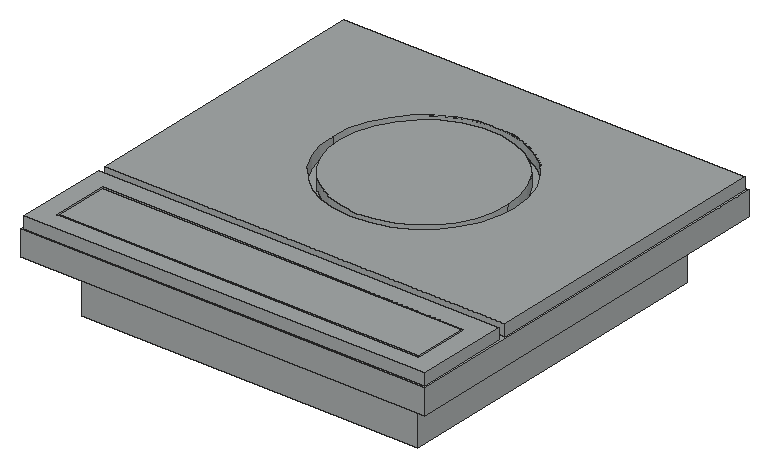
Revit family "Gira_5567000", category Electrical Fixtures, host Face, Revit 2017
Family settings
  Host = Face
  Maintain Annotation Orientation = Yes
  Round Connector Dimension = Use Diameter
  Part Type = Normal
  Cut with Voids When Loaded = No
  Shared = No
  Room Calculation Point = No
Parameters (values of type "Display mod. (DIN 18040) System 106 black gl.")
  URL = "http://katalog.gira.de/en/datenblatt.html?artikelnr=5567000"
  Number of bell buttons = "0"
  Name = "Display mod. (DIN 18040) System 106 black gl."
  Model = "Sys106_Abdeckung_Schalten und Tasten"
  Manufacturer URL = "https://www.gira.de/"
  Manufacturer = "Gira"
  HeinzeBIM = "https://bimportal.heinze.de/bim/display-mod-din-18040-system-106-black-gl-/620ab6d271fb1fd53e7920f97cbd0e51df95ec99"
  HAN = "5567000"
  GTIN = "4010337022879"
  Edelstahl [instance] = Edelstahl
  Description = "Displ.mod.18040 S106 GBk,System 106 display module (DIN 18040),,black glass,The Gira System 106 is an installation system made of metal in a puristic and elegant frameless design, based on basic measurements of 106.5 × 106.5 mm. With the modular door intercom in Gira System 106, hospitality begins even before you reach the front door. All the functions are presented in a harmonious overall appearance, from the call button module, intercom module, and camera module, up to the info and blank module. In the dark, backlit call buttons with inscription space ensure good legibility and an attractive appearance.,,Individually adaptable modular system, The System 106 can be used in family homes or apartment buildings, as well as in office buildings, industrial properties, and hotels. The modular design enables the system's size, design, and functionality to be individually adapted to the respective requirements. Expansions and changes are possible at any time by easily exchanging the modules.,With this system, it is also possible to exchange the fronts only. This means that the appearance of the system can be changed from e.g. traffic white to a stainless steel surface at a later stage, without having to exchange the electronic units.,,High-quality materials,The modules are frameless with design fronts made of genuine materials, available in two brushed stainless steel versions (V2A and V4A), anodised aluminium C-0, and a metal alloy lacquered in traffic white (RAL 9016): all robust materials which ensure durability. The camera and DIN 18040 display module feature a black glass cover.,,Easy and phased installation,The system can be installed in phases, in parallel to the progress of building work. In this way, it is possible to initially install only the lower part of a surface-mounted housing during construction of the shell; cables and modules can then be added when they are needed.,,Individual inscription options,Call button modules and info modules can be labelled individually via the Gira inscription service.,,Features:,- Optical display indicating when a visitor is being requested to speak and when the door is opened.,- The module meets the DIN 18040 standard for barrier-free construction."
  Default Elevation = 1219.2 mm
  Data sheet (1) = "https://katalog.gira.de/en/download.html?artikelnr=5567000"
  Category = "Functional module for door communication"
  BIM (1) = "https://media.stage.bim.site/public/gira/36a6b08/Sys106_Abdeckung_Schalten und Tasten.rfa?public/gira/36a6b08/Sys106_Abdeckung_Schalten und Tasten.rfa"
  Available = "No"
Reference planes
  plane 1 "Center (Front/Back)": y = 0
  plane 2 "Reference Level 0": z = 0
  plane 3 "Center (Left/Right)": x = 0
  plane 4 "Reference Level 1": z = 9.5
Forms (mm)
  Extrusion 1, solid, material "Edelstahl" <- "Edelstahl", detail levels coarse
    sketch origin (0, 0, 0) x (1, 0, 0) y (0, 1, 0)
      loop
        line (-53, 53) -> (-53, -53) -> (53, -53) -> (53, 53) -> (-53, 53)
    from -14.7 to 9.5
  Extrusion 2, solid, material "Edelstahl" <- "Edelstahl", detail levels fine
    sketch origin (0, 0, 0) x (1, 0, 0) y (0, 1, 0)
      loop
        line (52.5, -28) -> (-52.5, -28) -> (-52.5, -52.5) -> (52.5, -52.5) -> (52.5, -28)
      loop
        line (-47.5, -48) -> (47.5, -48) -> (47.5, -33) -> (-47.5, -33) -> (-47.5, -48)
    from 6.5 to 9.5
  Extrusion 3, solid, material "Edelstahl" <- "Edelstahl", detail levels fine
    sketch origin (0, 0, 0) x (1, 0, 0) y (0, 1, 0)
      loop
        line (-52.5, 52.5) -> (-52.5, -26) -> (52.5, -26) -> (52.5, 52.5) -> (-52.5, 52.5)
      loop
        circle (0, 13) r 24
    from 6.5 to 9.5
  Extrusion 4, solid, material "Edelstahl" <- "Edelstahl", detail levels medium+fine
    sketch origin (0, 0, 0) x (1, 0, 0) y (0, 1, 0)
      loop
        line (-53, 53) -> (-53, -53) -> (53, -53) -> (53, 53) -> (-53, 53)
    from 0 to 6.5
  Extrusion 5, solid, material "Edelstahl" <- "Edelstahl", detail levels fine
    sketch origin (0, 0, 0) x (1, 0, 0) y (0, 1, 0)
      loop
        line (-44, 44) -> (-44, -44) -> (44, -44) -> (44, 44) -> (-44, 44)
    from -14.7 to 0
  Extrusion 6, solid, material "Edelstahl" <- "Edelstahl", detail levels fine
    sketch origin (0, 0, 0) x (1, 0, 0) y (0, 1, 0)
      loop
        circle (0, 13) r 22
    from 6.5 to 9.5
  Extrusion 7, solid, material "Edelstahl" <- "Edelstahl", detail levels fine
    sketch origin (0, 0, 0) x (1, 0, 0) y (0, 1, 0)
      loop
        line (-47, -33.5) -> (-47, -47.5) -> (47, -47.5) -> (47, -33.5) -> (-47, -33.5)
    from 6.5 to 9.5
  Extrusion 8, solid, material "Edelstahl" <- "Edelstahl", detail levels medium
    sketch origin (0, 0, 0) x (1, 0, 0) y (0, 1, 0)
      loop
        line (-52.5, 52.5) -> (-52.5, -26) -> (52.5, -26) -> (52.5, 52.5) -> (-52.5, 52.5)
      loop
        line (-52.5, -28) -> (-52.5, -52.5) -> (52.5, -52.5) -> (52.5, -28) -> (-52.5, -28)
    from 6.5 to 9.5
  Extrusion 9, solid, material "Edelstahl" <- "Edelstahl", detail levels medium
    sketch origin (0, 0, 0) x (1, 0, 0) y (0, 1, 0)
      loop
        circle (0, 13) r 24
      loop
        line (-47.5, -33) -> (-47.5, -48) -> (47.5, -48) -> (47.5, -33) -> (-47.5, -33)
    from 6.5 to 9.5
Dimensions and locks
  aligned and locked: plane 2 "Reference Level 0" to host face
  aligned and locked: level to host face
  aligned and locked: Extrusion 4 to host face
  aligned and locked: Extrusion 4 to level
  aligned and locked: level to Extrusion 5
  aligned and locked: level to Extrusion 4
  aligned and locked: Extrusion 4 to plane 2 "Reference Level 0"
  aligned and locked: plane 2 "Reference Level 0" to Extrusion 5
  aligned and locked: plane 3 "Center (Left/Right)" to nested 1
  aligned and locked: plane 1 "Center (Front/Back)" to nested 1
Nested families
  nested 1: "Schalter" at (0, 0, 0), type "Schalter"
Connectors
  electrical at (0, 0, -14.7)
    settings: on Extrusion 5, index 1, voltage 220 V, apparent load 0 VA, apparent load phase1 0 VA, apparent load phase2 0 VA, apparent load phase3 0 VA, power factor 1, load classification "Other", number of poles 1, system type 30, power factor state 1, is connector primary yes, connector utility no, sub classification motor no, connector description ""
Definition of nested family "Schalter"
  Reference planes
    plane 1: y = 0
    plane 2: x = 0
  Lines and regions (mm)
    detail lines
      curve 1: circle (1.375, 2.778, 0) r 0.8 normal (0, 0, 1)
      curve 2: line (1.021, 2.061, 0) -> (0, 0, 0)
      curve 3: line (0, 0, 0) -> (-0.538, 0.266, 0)
  Dimensions and locks
    curve 2 to curve 2 = 2.3 mm
    curve 3 to curve 2 = 0.6 mm
    radius of curve 1 = 0.8 mm
